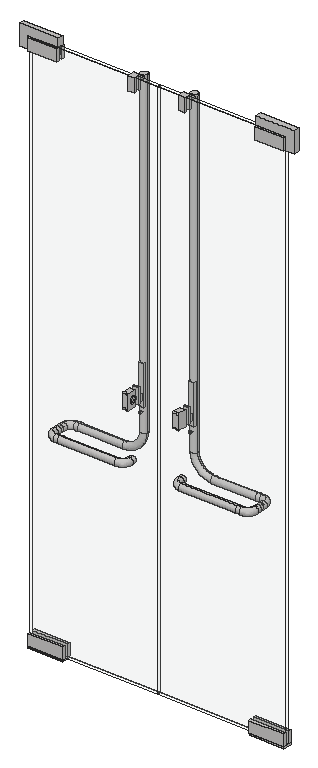
Revit family "Doors_Swing_Avanti_Systems_Pivot-Frameless-Pair-Swing-Door-Dbl-Glazed", category Doors, Revit 2026 (continued)
Definition of nested family "Pivot Door Bottom Free Swing Pivot Option"
  Forms (in)
    Extrusion 6, solid, material <- "Product Material", visible <- "Recessed Floor Closer", detail levels fine
      sketch origin (4.58661, -180, 0.45276) x (-1, 0, 0) y (0, -1, 0)
        loop
          line (4.58661, -180.03198) -> (4.58661, -179.85329) -> (-1.9685, -179.85329) -> (-1.9685, -180.03198) -> (4.58661, -180.03198)
      from -1.37992 to 0.15945
  Cuts and joins
    joined: Extrusion 3, Extrusion 4
  Dimensions and locks (in)
    plane 5 to plane 1 "Center (Front/Back)" to plane 4 = 0.41339" locked, 2.31496" locked
    plane 1 "Center (Front/Back)" to plane 6 = 3/16"
    locked: plane 8 to level at 0.45276
    locked: plane 9 to plane 10 at 0.45276
    "Glass Thickness Control": level to plane 9
    equal spacing: level, plane 11, plane 9
    plane 12 to plane 11 to plane 13 = 0.76969" locked, 0.76969" locked
    plane 7 to plane 14 to plane 15 to plane 3 "Center (Left/Right)" = 2.31507" locked, 4.03237" locked, 0.20769" locked
    locked: plane 17 to plane 4 at 0.57874
    locked: plane 16 to plane 7 at 0.40354
    locked: plane 19 to plane 16 at 0.70866
    locked: plane 20 to plane 3 "Center (Left/Right)" at 2.22678
    plane 21 to plane 11 to plane 22 = 0.62342" locked, 0.62342" locked
    plane 23 to plane 20 to plane 24 = 0.62342" locked, 0.62342" locked
    locked: plane 25 to plane 5 at 1.1811
    locked: plane 15 to plane 26 at 0.52066
    locked: plane 27 to plane 14 at 0.51485
    locked: plane 25 to plane 28 at 0.7874
    plane 1 "Center (Front/Back)" to plane 30 to plane 17 = 0.60237", 1.13386"
    locked: plane 9 to plane 32 at 0.25001
    locked: plane 31 to level at 0.25001
    locked: plane 7 to plane 33 at 0.03937
    locked: plane 34 to plane 3 "Center (Left/Right)" at 0.03937
    aligned and locked: plane 2 to Extrusion 1
    aligned and locked: level to Extrusion 1
    aligned and locked: Extrusion 2 sketch curve to plane 4
    aligned and locked: Extrusion 2 sketch curve to plane 3 "Center (Left/Right)"
    aligned and locked: Extrusion 2 sketch curve to plane 6
    aligned and locked: Extrusion 2 sketch curve to plane 7
    aligned and locked: plane 9 to Extrusion 2
    aligned and locked: plane 10 to Extrusion 2
    aligned and locked: Extrusion 3 sketch curve to plane 4
    aligned and locked: Extrusion 3 sketch curve to plane 7
    aligned and locked: Extrusion 3 sketch curve to plane 6
    aligned and locked: Extrusion 3 sketch curve to plane 3 "Center (Left/Right)"
    aligned and locked: Extrusion 4 sketch curve to plane 3 "Center (Left/Right)"
    aligned and locked: Extrusion 4 sketch curve to plane 4
    aligned and locked: Extrusion 4 sketch curve to plane 7
    aligned and locked: Extrusion 4 sketch curve to plane 6
    aligned and locked: plane 10 to Extrusion 3
    aligned and locked: plane 9 to Extrusion 3
    aligned and locked: Extrusion 4 to level
    aligned and locked: plane 8 to Extrusion 4
    aligned and locked: plane 6 to Extrusion 5
    aligned and locked: plane 3 "Center (Left/Right)" to Extrusion 6 sketch curve
    aligned and locked: plane 7 to Extrusion 6 sketch curve
    aligned and locked: Extrusion 6 to plane 13
    aligned and locked: Extrusion 6 to plane 12
  Automatic sketch dimensions
    Extrusion 1 sketch curve to Extrusion 1 sketch curve = 96"  (x2)
    Extrusion 5 sketch curve to plane 11 = 0"
    Extrusion 5 sketch curve to plane 26 = 0.00025"
    Extrusion 6 sketch curve to plane 1 "Center (Front/Back)" = 0.03198"
    plane 1 "Center (Front/Back)" to Extrusion 6 sketch curve = 0.14671"
    radius of Extrusion 5 sketch curve = 0.19685"
Definition of nested family "Pivot Door Top Free Swing Pivot"
  Parameters (values of type "Glass Thickness 8.0 mm")
    Youtube clip = "https://www.youtube.com/watch?time_continue=4&v=5oOBSi0owgs"
    Weight Net (Kg) = "0.63"
    Uniformat II Description = ""
    Uniformat II Code = ""
    Uniclass 2015 Name = ""
    Uniclass 2015 Code = ""
    Uniclass 2.0 Description = ""
    Uniclass 2.0 Code = ""
    Uniclass 1.4 Description = ""
    Uniclass 1.4 Code = ""
    URL = "http://www.colcomgroup.it"
    UNSPSC Code = ""
    Technical description = "http://www.minusco.com/images/pdf/schede-tecniche/05_PORTE_ESTERNE.pdf"
    Region South America = "All"
    Region Oceania = "All"
    Region North America = "All"
    Region Middle East = "All"
    Region Europe = "All"
    Region Asia = "All"
    Region Antarctica = "All"
    Region Africa = "All"
    QR code = "http://bimobject.com/colcom/product/Top-Hinge-Unica-100E20"
    Product url = "http://www.minusco.com/images/pdf/schede-tecniche/05_PORTE_ESTERNE.pdf"
    Product group = "Top Free hinge"
    Product family = "Glass Hardware"
    Product data url = "https://bimobject.com/colcom/product/Top-Hinge-Unica-100E20"
    Product certification = ""
    Product SKU = "Top-Hinge-Unica-100E20"
    Product Material [instance] = none
    Product Instructions = "Outer doors. Glass thickness from 8mm to 13,52mm .Maximum door width 1000mm. Maximum door weight 100 Kg."  # constant formula
    Product Guid = "7bd65d41-e2c5-4b08-8bdf-08c516c9f22f"
    OmniClass Description = ""
    OmniClass Code = ""
    Nominal width = 6.5748"
    Nominal height = 2.20472"
    NBS Reference Description = ""
    NBS Reference Code = ""
    Model = "Top Hinge Unica 100E20"
    Material secondary = "Steel"
    Material main = "Aluminium"
    Masterformat 2014 Description = ""
    Masterformat 2014 Code = ""
    Manufacturer name = "Colcom"
    Manufacturer country = "Italy"
    Manufacturer = "Colcom"
    Keynote = "08700"
    Installation instructions = ""
    IFC Classification = ""
    Glass Thickness Control [instance] = 0.31496"
    Glass Thickness = 0"
    Edition number = 1
    EAN code = ""
    Design country = "Italy"
    Description = "Top hinge for Hydraulic Hinge 101E10/101E10NF/101E10SF/101E10L"
    Default Elevation = 0"
    Date of publishing = ""
    COBIe Type Category = ""
    Brand url = ""
    BIMobject main category code = ""
    BIMobject main category = ""
    BIMobject category code = ""
    BIMobject category = ""
    Assembly Code = "C1020410"
  Reference planes (in)
    plane 1 "Center (Front/Back)": y = 0
    plane 2: z = 0
    plane 3 "Center (Left/Right)": x = 0
    plane 4: y = 2.31496
    plane 5: y = -0.41339
    plane 6: y = 0.11024
    plane 7: x = 5.5
    plane 8: z = 0.45276
    plane 9: z = -0.31496
    plane 10: z = -0.76772
    plane 11: z = -0.15748
    plane 12: z = 0.6122
    plane 13: z = -0.92717
    plane 14: x = 4.24005
    plane 15: x = 0.20769
    plane 16: x = 5.09646
    plane 17: y = 1.73622
    plane 18: x = 4.3878
    plane 19: x = 2.22678
    plane 20: z = 0.46594
    plane 21: z = -0.7809
    plane 22: x = 1.60336
    plane 23: x = 2.85019
    plane 24: y = -1.59449
    plane 25: x = 0.72835
    plane 26: x = 3.72521
    plane 27: y = -0.80709
    plane 28: y = 1.98032
    plane 29: y = 0.60237
    plane 30: z = 0.25001
    plane 31: z = -0.56497
    plane 32: x = 5.53937
    plane 33: x = -0.03937
    plane 34: y = 1.2126
    plane 35: y = 0.41339
    plane 36: y = 0.68898
    plane 37: y = 2.23622
  Forms (in)
    Extrusion 1, solid
      sketch origin (0, 0, 0) x (1, 0, 0) y (0, 1, 0)
        loop
          line (-48, 48) -> (-48, -48) -> (48, -48) -> (48, 48) -> (-48, 48)
      from 0 to -12
    Extrusion 2, solid, material <- "Product Material"
      sketch origin (3.06299, -180, -0.5315) x (-1, 0, 0) y (0, -1, 0)
        loop
          line (-2.43701, -182.31496) -> (3.06299, -182.31496) -> (3.06299, -180.11024) -> (-2.43701, -180.11024) -> (-2.43701, -182.31496)
      from -0.23622 to 0.21654
    Extrusion 3, solid, material <- "Product Material"
      sketch origin (3.06299, -180, -0.5315) x (-1, 0, 0) y (0, -1, 0)
        loop
          line (-2.43701, -182.31496) -> (3.06299, -182.31496) -> (3.06299, -180.11024) -> (-2.43701, -180.11024) -> (-2.43701, -182.31496)
      from 0.5315 to 0.98425
    Extrusion 4, solid, material <- "Product Material"
      sketch origin (3.06299, -180, -0.5315) x (-1, 0, 0) y (0, -1, 0)
        loop
          line (2.85531, -182.31496) -> (2.85531, -180.68898) -> (-2.03346, -180.68898) -> (-2.03346, -182.31496) -> (2.85531, -182.31496)
      from 0.21654 to 0.5315
  Dimensions and locks (in)
    plane 5 to plane 1 "Center (Front/Back)" to plane 4 = 0.41339" locked, 2.31496" locked
    locked: plane 1 "Center (Front/Back)" to plane 6 at 0.11024
    locked: plane 8 to level at 0.45276
    locked: plane 9 to plane 10 at 0.45276
    "Glass Thickness Control": level to plane 9
    equal spacing: level, plane 11, plane 9
    plane 12 to plane 11 to plane 13 = 0.76969" locked, 0.76969" locked
    locked: plane 17 to plane 4 at 0.57874
    locked: plane 16 to plane 7 at 0.40354
    locked: plane 18 to plane 16 at 0.70866
    locked: plane 19 to plane 3 "Center (Left/Right)" at 2.22678
    plane 20 to plane 11 to plane 21 = 0.62342" locked, 0.62342" locked
    plane 22 to plane 19 to plane 23 = 0.62342" locked, 0.62342" locked
    locked: plane 24 to plane 5 at 1.1811
    locked: plane 15 to plane 25 at 0.52066
    locked: plane 26 to plane 14 at 0.51485
    locked: plane 24 to plane 27 at 0.7874
    plane 1 "Center (Front/Back)" to plane 29 to plane 17 = 0.60237", 1.13386"
    locked: plane 9 to plane 31 at 0.25001
    locked: plane 30 to level at 0.25001
    locked: plane 7 to plane 32 at 0.03937
    locked: plane 33 to plane 3 "Center (Left/Right)" at 0.03937
    equal spacing: plane 6, plane 34, plane 4
    locked: plane 36 to plane 6 at 0.57874
    locked: plane 37 to plane 4 at 0.07874
    Extrusion 3 to Extrusion 3 = 5 1/2"
    locked: plane 7 to plane 33 at 5.53937
    aligned and locked: plane 2 to Extrusion 1
    aligned and locked: level to Extrusion 1
    aligned and locked: Extrusion 2 sketch curve to plane 4
    aligned and locked: Extrusion 2 sketch curve to plane 3 "Center (Left/Right)"
    aligned and locked: Extrusion 2 sketch curve to plane 6
    aligned and locked: Extrusion 2 sketch curve to plane 7
    aligned and locked: Extrusion 3 sketch curve to plane 4
    aligned and locked: Extrusion 3 sketch curve to plane 3 "Center (Left/Right)"
    aligned and locked: Extrusion 3 sketch curve to plane 6
    aligned and locked: Extrusion 3 sketch curve to plane 7
    aligned and locked: Extrusion 3 to level
    aligned and locked: plane 8 to Extrusion 3
    aligned and locked: plane 9 to Extrusion 2
    aligned and locked: plane 10 to Extrusion 2
    aligned and locked: Extrusion 4 sketch curve to plane 16
    aligned and locked: Extrusion 4 sketch curve to plane 15
    aligned and locked: Extrusion 4 to plane 9
    aligned and locked: level to Extrusion 4
    aligned and locked: plane 4 to Extrusion 4 sketch curve
    aligned and locked: plane 36 to Extrusion 4 sketch curve
  Automatic sketch dimensions
    Extrusion 1 sketch curve to Extrusion 1 sketch curve = 96"  (x2)
Definition of nested family "Recessed Floor Closer - Elevation"
  Reference planes (in)
    plane 1 "Center (Front/Back)": y = 0
    plane 2: z = 0
    plane 3 "Center (Left/Right)": x = 0
  Lines and regions (in)
    model lines, in view "Ref. Level"
      curve 1: line (7.18456, 0, 0) -> (7.53314, 0, 0)
      curve 2: line (-2.0721, -0.11624, 0) -> (-3.00164, -0.11624, 0)
      curve 3: line (8.89669, -0.11624, 0) -> (8.38522, -0.11624, 0)
      curve 4: line (-1.84, 0, 0) -> (-1.55577, 0, 0)
      curve 5: line (-1.55577, 0, 0) -> (-1.49142, 0, 0)
      curve 6: arc (0.61969, 0, 0) -> (0.65371, -0.08219, 0) -> (0.73589, -0.11624, 0) r 0.11619
      curve 7: arc (-0.73589, -0.11624, 0) -> (-0.65372, -0.08221, 0) -> (-0.61969, -0.00005, 0) r 0.11619
      curve 8: line (8.32712, -0.11624, 0) -> (8.32712, -2.22707, 0)
      curve 9: line (8.32712, -2.22707, 0) -> (-2.014, -2.22707, 0)
      curve 10: line (-2.014, -2.22707, 0) -> (-2.014, -0.11624, 0)
      curve 11: arc (4.93697, -0.32926, 0) -> (5.02675, -0.36198, 0) -> (5.12145, -0.37467, 0) r 0.44269
      curve 12: arc (6.01869, -0.50358, 0) -> (5.97995, -0.40943, 0) -> (5.88426, -0.37467, 0) r 0.12595
      curve 13: arc (-0.98859, -2.01405, 0) -> (-1.01198, -1.96981, 0) -> (-1.05754, -1.9491, 0) r 0.07746
      curve 14: arc (2.23102, -1.9324, 0) -> (2.26915, -1.91661, 0) -> (2.28494, -1.87849, 0) r 0.05391
      curve 15: arc (-0.98859, -2.01405, 0) -> (-1.01198, -1.96981, 0) -> (-1.05754, -1.9491, 0) r 0.07746
      curve 16: line (4.05806, -1.49349, 0) -> (4.06976, -1.51341, 0)
      curve 17: line (4.05806, -1.40163, 0) -> (4.0949, -1.42913, 0)
      curve 18: line (2.3963, -1.87849, 0) -> (2.36082, -1.98804, 0)
      curve 19: line (2.33499, -2.01405, 0) -> (2.43976, -1.99686, 0)
      curve 20: line (2.43976, -1.99686, 0) -> (2.5209, -2.01405, 0)
      curve 21: line (2.36082, -1.98804, 0) -> (2.32981, -2.01405, 0)
      curve 22: line (2.3963, -1.87849, 0) -> (2.39485, -0.368, 0)
      curve 23: line (2.51583, -0.25184, 0) -> (2.51602, -0.2713, 0)
      curve 24: line (5.09475, -0.15497, 0) -> (5.12145, -0.1649, 0)
      curve 25: line (2.51583, -0.16218, 0) -> (2.51504, -0.15497, 0)
      curve 26: line (2.3111, -0.33011, 0) -> (2.32193, -0.3217, 0)
      curve 27: line (2.28494, -0.36799, 0) -> (2.3111, -0.33011, 0)
      curve 28: line (2.32193, -0.3217, 0) -> (2.39732, -0.2818, 0)
      curve 29: line (2.51602, -0.2713, 0) -> (2.47831, -0.28084, 0)
      curve 30: line (2.47228, -0.29053, 0) -> (2.39485, -0.36799, 0)
      curve 31: line (2.47228, -0.29053, 0) -> (2.39485, -0.368, 0)
      curve 32: line (4.93697, -0.32926, 0) -> (4.80856, -0.29053, 0)
      curve 33: line (5.86382, -1.53009, 0) -> (6.11965, -1.27426, 0)
      curve 34: line (5.94518, -0.29317, 0) -> (6.06391, -0.29317, 0)
      curve 35: line (6.09155, -0.29317, 0) -> (6.06391, -0.29317, 0)
      curve 36: line (6.11965, -0.30669, 0) -> (6.09155, -0.29317, 0)
      curve 37: line (7.11028, -0.16408, 0) -> (7.10882, -0.15646, 0)
      curve 38: line (4.06517, -1.85715, 0) -> (4.05806, -1.84734, 0)
      curve 39: line (5.91956, -0.16845, 0) -> (5.92391, -0.15497, 0)
      curve 40: line (-1.53415, -0.15497, 0) -> (-1.53612, -0.16371, 0)
      curve 41: line (5.86382, -1.42913, 0) -> (6.01869, -1.27426, 0)
      curve 42: line (5.94518, -0.29317, 0) -> (5.91956, -0.27169, 0)
      curve 43: line (4.06976, -1.51341, 0) -> (4.09028, -1.53009, 0)
      curve 44: line (4.06517, -1.87849, 0) -> (4.08977, -1.9324, 0)
      curve 45: line (7.08568, -1.9324, 0) -> (7.11028, -1.87849, 0)
      curve 46: arc (7.62029, -0.1356, 0) -> (7.61461, -0.12191, 0) -> (7.60092, -0.11624, 0) r 0.01937
      curve 47: arc (3.91178, -0.81339, 0) -> (3.90611, -0.7997, 0) -> (3.89241, -0.79403, 0) r 0.01937
      curve 48: arc (3.66003, -0.79403, 0) -> (3.64634, -0.7997, 0) -> (3.64066, -0.81339, 0) r 0.01937
      curve 49: arc (7.19425, -0.11624, 0) -> (7.18055, -0.12191, 0) -> (7.17488, -0.1356, 0) r 0.01937
      curve 50: arc (-1.89781, -1.83976, 0) -> (-1.87512, -1.89453, 0) -> (-1.82035, -1.91722, 0) r 0.07746
      curve 51: arc (-1.26843, -0.11624, 0) -> (-1.28213, -0.12191, 0) -> (-1.2878, -0.1356, 0) r 0.01937
      curve 52: arc (1.2878, -0.1356, 0) -> (1.28213, -0.12191, 0) -> (1.26843, -0.11624, 0) r 0.01937
      curve 53: arc (-1.26843, -0.11624, 0) -> (-1.28213, -0.12191, 0) -> (-1.2878, -0.1356, 0) r 0.01937
      curve 54: arc (3.53321, -1.82622, 0) -> (3.54456, -1.85361, 0) -> (3.57195, -1.86496, 0) r 0.03873
      curve 55: arc (4.05806, -1.35947, 0) -> (4.04672, -1.33209, 0) -> (4.01933, -1.32074, 0) r 0.03873
      curve 56: arc (3.57195, -1.32074, 0) -> (3.54456, -1.33209, 0) -> (3.53321, -1.35947, 0) r 0.03873
      curve 57: line (7.59124, -0.30989, 0) -> (7.62029, -0.30989, 0)
      curve 58: line (7.62029, -0.30989, 0) -> (7.62029, -0.1356, 0)
      curve 59: line (7.62029, -0.1356, 0) -> (7.62029, -0.30989, 0)
      curve 60: line (7.60092, -0.11624, 0) -> (7.48666, -0.11624, 0)
      curve 61: line (3.68327, -1.86689, 0) -> (3.68327, -2.22707, 0)
      curve 62: line (3.68327, -2.22707, 0) -> (3.86918, -2.22707, 0)
      curve 63: line (3.86918, -2.22707, 0) -> (3.86918, -1.86689, 0)
      curve 64: line (3.89241, -0.94895, 0) -> (3.89241, -0.97914, 0)
      curve 65: line (3.89241, -0.97914, 0) -> (3.89241, -1.32074, 0)
      curve 66: line (4.01933, -1.32074, 0) -> (3.89241, -1.32074, 0)
      curve 67: line (3.89241, -1.32074, 0) -> (3.66003, -1.32074, 0)
      curve 68: line (3.66003, -1.32074, 0) -> (3.66003, -0.97914, 0)
      curve 69: line (3.66003, -0.97914, 0) -> (3.66003, -0.94895, 0)
      curve 70: line (3.89241, -0.79403, 0) -> (3.81495, -0.79403, 0)
      curve 71: line (3.81495, -0.79403, 0) -> (3.80527, -0.85212, 0)
      curve 72: line (3.80527, -0.85212, 0) -> (3.74717, -0.85212, 0)
      curve 73: line (3.74717, -0.85212, 0) -> (3.73749, -0.79403, 0)
      curve 74: line (3.73749, -0.79403, 0) -> (3.66003, -0.79403, 0)
      curve 75: line (3.64066, -0.81339, 0) -> (3.64066, -0.94895, 0)
      curve 76: line (3.64066, -0.94895, 0) -> (3.91178, -0.94895, 0)
      curve 77: line (3.91178, -0.94895, 0) -> (3.91178, -0.81339, 0)
      curve 78: line (7.20393, -0.17433, 0) -> (7.22329, -0.17433, 0)
      curve 79: line (7.22329, -0.17433, 0) -> (7.59124, -0.17433, 0)
      curve 80: line (7.59124, -0.17433, 0) -> (7.59124, -0.32926, 0)
      curve 81: line (7.59124, -0.32926, 0) -> (7.23298, -0.32926, 0)
      curve 82: line (7.23298, -0.32926, 0) -> (7.20393, -0.32926, 0)
      curve 83: line (7.20393, -0.32926, 0) -> (7.20393, -0.17433, 0)
      curve 84: line (7.19425, -0.40672, 0) -> (7.23298, -0.40672, 0)
      curve 85: line (7.23298, -0.40672, 0) -> (7.64933, -0.40672, 0)
      curve 86: line (7.64933, -0.40672, 0) -> (7.64933, -0.32926, 0)
      curve 87: line (7.64933, -0.32926, 0) -> (7.23298, -0.32926, 0)
      curve 88: line (7.23298, -0.32926, 0) -> (7.19425, -0.32926, 0)
      curve 89: line (7.19425, -0.32926, 0) -> (7.14583, -0.32926, 0)
      curve 90: line (7.14583, -0.32926, 0) -> (7.14583, -0.40672, 0)
      curve 91: line (7.14583, -0.40672, 0) -> (7.19425, -0.40672, 0)
      curve 92: line (7.19425, -0.40672, 0) -> (7.23298, -0.40672, 0)
      curve 93: line (7.23298, -0.40672, 0) -> (7.52346, -0.40672, 0)
      curve 94: line (7.17488, -0.1356, 0) -> (7.17488, -0.30989, 0)
      curve 95: line (7.17488, -0.30989, 0) -> (7.20393, -0.30989, 0)
      curve 96: line (7.55251, -0.11624, 0) -> (7.46343, -0.11624, 0)
      curve 97: line (7.26203, -1.10387, 0) -> (7.26203, -0.96057, 0)
      curve 98: line (7.26203, -0.96057, 0) -> (7.11872, -0.96057, 0)
      curve 99: line (7.11872, -0.96057, 0) -> (7.11872, -0.40672, 0)
      curve 100: line (7.11872, -0.40672, 0) -> (7.24266, -0.40672, 0)
      curve 101: line (7.24266, -0.40672, 0) -> (7.43631, -0.40672, 0)
      curve 102: line (7.43631, -0.40672, 0) -> (7.64933, -0.40672, 0)
      curve 103: line (7.64933, -0.40672, 0) -> (7.64933, -1.80103, 0)
      curve 104: line (7.64933, -1.80103, 0) -> (7.43631, -1.97532, 0)
      curve 105: line (7.43631, -1.97532, 0) -> (7.11872, -1.97532, 0)
      curve 106: line (7.11872, -1.97532, 0) -> (7.11872, -1.56864, 0)
      curve 107: line (7.11872, -1.56864, 0) -> (7.26203, -1.56864, 0)
      curve 108: line (7.26203, -1.56864, 0) -> (7.26203, -0.96057, 0)
      curve 109: line (7.43631, -1.97532, 0) -> (7.43631, -0.52291, 0)
      curve 110: line (7.43631, -0.52291, 0) -> (7.64933, -0.52291, 0)
      curve 111: line (7.43631, -0.52291, 0) -> (7.24266, -0.52291, 0)
      curve 112: line (7.24266, -0.52291, 0) -> (7.11872, -0.52291, 0)
      curve 113: line (7.1652, -1.56864, 0) -> (7.1652, -0.96057, 0)
      curve 114: line (-1.83971, -0.48418, 0) -> (-1.83971, -1.10387, 0)
      curve 115: line (-1.83971, -1.10387, 0) -> (-1.83971, -1.85912, 0)
      curve 116: line (-1.83971, -1.85912, 0) -> (-1.52987, -1.85912, 0)
      curve 117: line (-1.52987, -1.85912, 0) -> (-1.52987, -1.91722, 0)
      curve 118: line (-1.52987, -1.91722, 0) -> (-1.60249, -1.91722, 0)
      curve 119: line (-1.60249, -1.91722, 0) -> (-1.82035, -1.91722, 0)
      curve 120: line (-1.89781, -1.83976, 0) -> (-1.89781, -1.15132, 0)
      curve 121: line (-1.89781, -1.15132, 0) -> (-1.89781, -1.10387, 0)
      curve 122: line (-1.89781, -1.10387, 0) -> (-1.89781, -0.49386, 0)
      curve 123: line (-1.89781, -0.49386, 0) -> (-1.89781, -0.48418, 0)
      curve 124: line (-1.89781, -0.48418, 0) -> (-1.83971, -0.48418, 0)
      curve 125: line (-1.83971, -0.48418, 0) -> (-1.83971, -0.5384, 0)
      curve 126: line (-1.2878, -0.1356, 0) -> (-1.2878, -0.15497, 0)
      curve 127: line (-0.73589, -0.11624, 0) -> (0, -0.11624, 0)
      curve 128: line (0, -0.11624, 0) -> (0.73589, -0.11624, 0)
      curve 129: line (1.2878, -0.15497, 0) -> (1.2878, -0.1356, 0)
      curve 130: line (-0.74557, -0.11624, 0) -> (-1.26843, -0.11624, 0)
      curve 131: line (3.53321, -1.82622, 0) -> (3.53321, -1.35947, 0)
      curve 132: line (3.57195, -1.86496, 0) -> (3.66003, -1.86496, 0)
      curve 133: line (3.66003, -1.86496, 0) -> (3.89241, -1.86496, 0)
      curve 134: line (3.89241, -1.86496, 0) -> (4.05806, -1.86496, 0)
      curve 135: line (4.05806, -1.86496, 0) -> (4.05806, -1.85445, 0)
      curve 136: line (4.05806, -1.84734, 0) -> (4.05806, -1.85445, 0)
      curve 137: line (4.05806, -1.85445, 0) -> (4.05806, -1.49349, 0)
      curve 138: line (4.05806, -1.49349, 0) -> (4.05806, -1.40163, 0)
      curve 139: line (4.05806, -1.40163, 0) -> (4.05806, -1.38844, 0)
      curve 140: line (4.05806, -1.38844, 0) -> (4.05806, -1.35947, 0)
      curve 141: line (3.66003, -1.32074, 0) -> (3.57195, -1.32074, 0)
      curve 142: line (5.12145, -0.37467, 0) -> (5.12145, -0.1649, 0)
      curve 143: line (5.12145, -0.1649, 0) -> (5.12145, -0.37467, 0)
      curve 144: line (5.12145, -0.37467, 0) -> (5.86772, -0.37467, 0)
      curve 145: line (5.86772, -0.37467, 0) -> (5.88426, -0.37467, 0)
      curve 146: line (6.01869, -0.50358, 0) -> (6.01869, -1.27426, 0)
      curve 147: line (6.01869, -1.27426, 0) -> (6.01869, -0.50358, 0)
      curve 148: line (3.68327, -2.01405, 0) -> (2.55854, -2.01405, 0)
      curve 149: line (2.55854, -2.01405, 0) -> (2.5209, -2.01405, 0)
      curve 150: line (-0.98859, -2.01405, 0) -> (2.23102, -2.01405, 0)
      curve 151: line (2.23102, -2.01405, 0) -> (2.306, -2.01405, 0)
      curve 152: line (2.306, -2.01405, 0) -> (2.32981, -2.01405, 0)
      curve 153: line (2.28494, -1.87849, 0) -> (2.28494, -0.36799, 0)
      curve 154: line (2.51583, -0.25184, 0) -> (2.51583, -0.16218, 0)
      curve 155: line (5.86772, -0.15497, 0) -> (5.10856, -0.15497, 0)
      curve 156: line (5.10856, -0.15497, 0) -> (5.09475, -0.15497, 0)
      curve 157: line (5.09475, -0.15497, 0) -> (5.0365, -0.15497, 0)
      curve 158: line (5.0365, -0.15497, 0) -> (5.02826, -0.15497, 0)
      curve 159: line (5.02826, -0.15497, 0) -> (4.93742, -0.15497, 0)
      curve 160: line (4.93742, -0.15497, 0) -> (4.93697, -0.32926, 0)
      curve 161: line (4.80856, -0.29053, 0) -> (4.74402, -0.29053, 0)
      curve 162: line (4.74402, -0.29053, 0) -> (4.73572, -0.29053, 0)
      curve 163: line (4.73572, -0.29053, 0) -> (2.81287, -0.29053, 0)
      curve 164: line (2.81287, -0.29053, 0) -> (2.55113, -0.29053, 0)
      curve 165: line (2.55113, -0.29053, 0) -> (2.49738, -0.29053, 0)
      curve 166: line (2.49738, -0.29053, 0) -> (2.47228, -0.29053, 0)
      curve 167: line (2.47228, -0.29053, 0) -> (2.46333, -0.29053, 0)
      curve 168: line (4.93742, -0.15497, 0) -> (4.73572, -0.15497, 0)
      curve 169: line (4.73572, -0.15691, 0) -> (2.7403, -0.15691, 0)
      curve 170: line (2.7403, -0.15497, 0) -> (2.51504, -0.15497, 0)
      curve 171: line (2.51504, -0.15497, 0) -> (2.4564, -0.15497, 0)
      curve 172: line (2.4564, -0.15497, 0) -> (2.44879, -0.15497, 0)
      curve 173: line (2.44879, -0.15497, 0) -> (2.39732, -0.15497, 0)
      curve 174: line (6.11965, -0.30669, 0) -> (6.11965, -0.31568, 0)
      curve 175: line (6.11965, -0.31568, 0) -> (6.11965, -1.27426, 0)
      curve 176: line (-1.60733, -0.15497, 0) -> (-1.60733, -0.8133, 0)
      curve 177: line (-1.60733, -0.8133, 0) -> (-1.72352, -0.8133, 0)
      curve 178: line (-1.72352, -0.8133, 0) -> (-1.73901, -0.8133, 0)
      curve 179: line (2.23102, -1.9324, 0) -> (-1.22785, -1.9324, 0)
      curve 180: line (-1.22785, -1.9324, 0) -> (-1.05754, -1.9491, 0)
      curve 181: line (-1.05754, -1.9491, 0) -> (-1.22785, -1.9324, 0)
      curve 182: line (-1.22785, -1.9324, 0) -> (-1.5105, -1.90469, 0)
      curve 183: line (-1.5105, -1.90469, 0) -> (-1.5105, -1.85912, 0)
      curve 184: line (-1.5105, -1.85912, 0) -> (-1.60733, -1.85912, 0)
      curve 185: line (-1.60733, -1.85912, 0) -> (-1.60733, -1.00695, 0)
      curve 186: line (-1.60733, -1.00695, 0) -> (-1.72352, -1.00695, 0)
      curve 187: line (-1.72352, -1.00695, 0) -> (-1.73901, -1.00695, 0)
      curve 188: line (-1.73901, -1.00695, 0) -> (-1.73901, -1.40588, 0)
      curve 189: line (-1.73901, -1.40588, 0) -> (-1.8152, -1.40588, 0)
      curve 190: line (-1.8152, -1.40588, 0) -> (-1.83971, -1.40588, 0)
      curve 191: line (-1.83971, -1.40588, 0) -> (-1.83971, -1.41574, 0)
      curve 192: line (-1.83971, -1.41574, 0) -> (-1.83971, -1.85912, 0)
      curve 193: line (-1.83971, -1.85912, 0) -> (-1.72836, -1.85912, 0)
      curve 194: line (-1.72836, -1.85912, 0) -> (-1.60733, -1.85912, 0)
      curve 195: line (-1.60733, -0.8133, 0) -> (-1.54923, -0.8133, 0)
      curve 196: line (-1.54923, -0.8133, 0) -> (-1.53612, -0.8133, 0)
      curve 197: line (-1.53612, -1.85912, 0) -> (-1.53612, -0.16371, 0)
      curve 198: line (2.39732, -0.2818, 0) -> (2.39732, -0.15497, 0)
      curve 199: line (2.39732, -0.15497, 0) -> (1.39431, -0.15497, 0)
      curve 200: line (1.39431, -0.15497, 0) -> (0.51053, -0.15497, 0)
      curve 201: line (0.51053, -0.15497, 0) -> (0.51053, -0.23243, 0)
      curve 202: line (0.51053, -0.23243, 0) -> (-0.51053, -0.23243, 0)
      curve 203: line (-0.51053, -0.23243, 0) -> (-0.51053, -0.15497, 0)
      curve 204: line (-1.73901, -1.00695, 0) -> (-1.73901, -0.8133, 0)
      curve 205: line (-1.73901, -0.8133, 0) -> (-1.83971, -0.8133, 0)
      curve 206: line (-1.83971, -0.8133, 0) -> (-1.83971, -0.46472, 0)
      curve 207: line (-1.83971, -0.46472, 0) -> (-1.89781, -0.46472, 0)
      curve 208: line (-1.89781, -0.46472, 0) -> (-1.89781, -0.15875, 0)
      curve 209: line (-1.89781, -0.15875, 0) -> (-1.60733, -0.15497, 0)
      curve 210: line (-1.60733, -0.15497, 0) -> (-1.54854, -0.15497, 0)
      curve 211: line (-1.54854, -0.15497, 0) -> (-1.53415, -0.15497, 0)
      curve 212: line (-1.53415, -0.15497, 0) -> (-1.39431, -0.15497, 0)
      curve 213: line (-1.39431, -0.15497, 0) -> (-0.51053, -0.15497, 0)
      curve 214: line (-1.60733, -1.00695, 0) -> (-1.54923, -1.00695, 0)
      curve 215: line (-1.54923, -1.00695, 0) -> (-1.53612, -1.00695, 0)
      curve 216: line (7.11028, -1.87849, 0) -> (7.11028, -0.16408, 0)
      curve 217: line (5.86772, -0.37467, 0) -> (5.86772, -0.1649, 0)
      curve 218: line (5.86772, -0.1649, 0) -> (5.86772, -0.15497, 0)
      curve 219: line (5.86772, -0.15497, 0) -> (5.9086, -0.15497, 0)
      curve 220: line (5.9086, -0.15497, 0) -> (5.92391, -0.15497, 0)
      curve 221: line (5.92391, -0.15497, 0) -> (7.10815, -0.15497, 0)
      curve 222: line (7.10815, -0.15497, 0) -> (7.11543, -0.15497, 0)
      curve 223: line (7.11543, -0.15497, 0) -> (7.11872, -0.16524, 0)
      curve 224: line (5.86382, -1.53009, 0) -> (5.33754, -1.53009, 0)
      curve 225: line (5.33754, -1.53009, 0) -> (5.08104, -1.53009, 0)
      curve 226: line (5.08104, -1.53009, 0) -> (4.95588, -1.53009, 0)
      curve 227: line (4.95588, -1.53009, 0) -> (4.09028, -1.53009, 0)
      curve 228: line (4.06517, -1.85715, 0) -> (4.06517, -1.87849, 0)
      curve 229: line (4.0949, -1.42913, 0) -> (4.95357, -1.42913, 0)
      curve 230: line (4.95357, -1.42913, 0) -> (5.86382, -1.42913, 0)
      curve 231: line (5.91956, -0.27169, 0) -> (5.91956, -0.16845, 0)
      curve 232: line (4.08977, -1.9324, 0) -> (7.08568, -1.9324, 0)
      curve 233: line (7.11872, -0.16524, 0) -> (7.11872, -1.87849, 0)
      curve 234: line (7.11872, -1.87849, 0) -> (7.11872, -2.01405, 0)
      curve 235: line (7.11872, -2.01405, 0) -> (7.08706, -2.01405, 0)
      curve 236: line (3.86918, -2.01405, 0) -> (7.08706, -2.01405, 0)
      curve 237: line (-1.51885, -2.22707, 0) -> (-1.51885, -1.85696, 0)
      curve 238: line (-1.70476, -1.91722, 0) -> (-1.70476, -2.22707, 0)
      curve 239: line (-3.00164, -0.11624, 0) -> (-1.80592, -0.11624, 0)
      curve 240: line (-1.80592, -0.11624, 0) -> (-1.59338, -0.11624, 0)
      curve 241: line (-1.59338, -0.11624, 0) -> (-1.5255, -0.11624, 0)
      curve 242: line (-1.5255, -0.11624, 0) -> (-0.76493, -0.11624, 0)
      curve 243: line (7.21864, -0.11624, 0) -> (0.7262, -0.11624, 0)
      curve 244: line (0.7262, -0.11624, 0) -> (7.21864, -0.11624, 0)
      curve 245: line (7.21864, -0.11624, 0) -> (7.43199, -0.11624, 0)
      curve 246: line (7.43199, -0.11624, 0) -> (7.49906, -0.11624, 0)
      curve 247: line (7.49906, -0.11624, 0) -> (8.89669, -0.11624, 0)
      curve 248: line (7.62029, -0.11624, 0) -> (8.32712, -0.11624, 0)
      curve 249: line (8.32712, -0.11624, 0) -> (8.38522, -0.11624, 0)
      curve 250: line (-2.0721, -0.11624, 0) -> (-2.014, -0.11624, 0)
      curve 251: line (-2.014, -0.11624, 0) -> (-1.8339, -0.11624, 0)
      curve 252: arc (0.42023, 0.12764, 0) -> (0.43163, 0.10388, 0) -> (0.4571, 0.09713, 0) r 0.03147
      curve 253: arc (-0.4571, 0.09713, 0) -> (-0.43163, 0.10388, 0) -> (-0.42023, 0.12764, 0) r 0.03147
      curve 254: arc (0.61969, -0.00005, 0) -> (0.60835, 0.02734, 0) -> (0.58096, 0.03869, 0) r 0.03873
      curve 255: arc (-0.58096, 0.03869, 0) -> (-0.60835, 0.02734, 0) -> (-0.61969, -0.00005, 0) r 0.03873
      curve 256: line (0.48414, 0.03869, 0) -> (0.48414, 0.0503, 0)
      curve 257: line (0.48414, 0.0503, 0) -> (0.4571, 0.09713, 0)
      curve 258: line (-0.48414, 0.03869, 0) -> (-0.48414, 0.0503, 0)
      curve 259: line (-0.48414, 0.0503, 0) -> (-0.4571, 0.09713, 0)
      curve 260: line (0.42023, 0.12764, 0) -> (0.42023, 0.3098, 0)
      curve 261: line (0.42023, 0.3098, 0) -> (0.42023, 0.55175, 0)
      curve 262: line (0.42023, 0.55175, 0) -> (0.38438, 0.75509, 0)
      curve 263: line (0.38438, 0.75509, 0) -> (0.34564, 0.79382, 0)
      curve 264: line (0.34564, 0.79382, 0) -> (0.27875, 0.79382, 0)
      curve 265: line (0.27875, 0.79382, 0) -> (0.06197, 0.79382, 0)
      curve 266: line (0.06197, 0.79382, 0) -> (-0.06197, 0.79382, 0)
      curve 267: line (-0.06197, 0.79382, 0) -> (-0.27875, 0.79382, 0)
      curve 268: line (-0.27875, 0.79382, 0) -> (-0.34564, 0.79382, 0)
      curve 269: line (-0.34564, 0.79382, 0) -> (-0.38438, 0.75509, 0)
      curve 270: line (-0.38438, 0.75509, 0) -> (-0.42023, 0.55175, 0)
      curve 271: line (-0.42023, 0.55175, 0) -> (-0.42023, 0.3098, 0)
      curve 272: line (-0.42023, 0.3098, 0) -> (-0.42023, 0.12764, 0)
      curve 273: line (-0.58096, 0.03869, 0) -> (0, 0.03869, 0)
      curve 274: line (0, 0.03869, 0) -> (0.58096, 0.03869, 0)
      curve 275: line (-3.00164, 0, 0) -> (-1.84, 0, 0)
      curve 276: line (-1.49142, 0, 0) -> (-0.75525, 0, 0)
      curve 277: line (-0.75525, 0, 0) -> (-0.61969, 0, 0)
      curve 278: line (0.61969, 0, 0) -> (0.71652, 0, 0)
      curve 279: line (0.71652, 0, 0) -> (7.18456, 0, 0)
      curve 280: line (8.89669, -0.11624, 0) -> (8.90808, -0.05927, 0)
      curve 281: line (8.90808, -0.05927, 0) -> (8.52653, 0, 0)
      curve 282: line (8.52653, 0, 0) -> (7.53314, 0, 0)
      curve 283: line (8.38522, -0.11624, 0) -> (8.38522, -2.28516, 0)
      curve 284: line (8.38522, -2.28516, 0) -> (-2.0721, -2.28516, 0)
      curve 285: line (-2.0721, -2.28516, 0) -> (-2.0721, -0.11624, 0)
      curve 286: line (7.2869, -0.11624, 0) -> (7.19425, -0.11624, 0)
      curve 287: line (1.26843, -0.11624, 0) -> (0.74557, -0.11624, 0)
      curve 288: line (0.74557, -0.11624, 0) -> (0.73589, -0.11624, 0)
      curve 289: line (-0.73589, -0.11624, 0) -> (-0.74557, -0.11624, 0)
      curve 290: line (-1.70476, -2.22707, 0) -> (-1.51885, -2.22707, 0)
      curve 291: line (-3.00164, 0, 0) -> (-3.00164, -0.11624, 0)
      curve 292: line (-3.00164, -0.0581, 0) -> (-1.86406, -0.0581, 0)
      curve 293: line (-1.86406, -0.0581, 0) -> (-1.80592, -0.11624, 0)
      curve 294: line (-1.80592, -0.11624, 0) -> (-1.76254, -0.07746, 0)
      curve 295: line (-1.76254, -0.07746, 0) -> (-1.84, 0, 0)
      curve 296: line (-0.63523, -0.0581, 0) -> (-0.75525, -0.0581, 0)
      curve 297: line (-0.75525, -0.0581, 0) -> (-0.75525, 0, 0)
      curve 298: line (-0.75525, 0, 0) -> (-0.75525, -0.0581, 0)
      curve 299: line (-0.75525, -0.0581, 0) -> (-1.46736, -0.0581, 0)
      curve 300: line (-1.46736, -0.0581, 0) -> (-1.5255, -0.11624, 0)
      curve 301: line (-1.5278, -0.11624, 0) -> (-1.56888, -0.07746, 0)
      curve 302: line (-1.56888, -0.07746, 0) -> (-1.49142, 0, 0)
      curve 303: line (0.63523, -0.0581, 0) -> (0.71652, -0.0581, 0)
      curve 304: line (0.71652, -0.0581, 0) -> (0.71652, 0, 0)
      curve 305: line (7.53314, 0, 0) -> (7.45568, -0.07746, 0)
      curve 306: line (7.45568, -0.07746, 0) -> (7.49906, -0.11624, 0)
      curve 307: line (7.49906, -0.11624, 0) -> (7.55721, -0.0581, 0)
      curve 308: line (7.55721, -0.0581, 0) -> (8.52078, -0.0581, 0)
      curve 309: line (8.52078, -0.0581, 0) -> (8.89669, -0.11624, 0)
      curve 310: line (7.18456, 0, 0) -> (7.26203, -0.07746, 0)
      curve 311: line (7.26203, -0.07746, 0) -> (7.21864, -0.11624, 0)
      curve 312: line (7.21864, -0.11624, 0) -> (7.1605, -0.0581, 0)
      curve 313: line (7.1605, -0.0581, 0) -> (0.71652, -0.0581, 0)
Definition of nested family "Recessed Floor Closer - Section"
  Reference planes (in)
    plane 1 "Center (Front/Back)": y = 0
    plane 2: z = 0
    plane 3 "Center (Left/Right)": x = 0
  Lines and regions (in)
    model lines, in view "Ref. Level"
      curve 1: line (0.74557, 0, 0) -> (0.73589, 0, 0)
      curve 2: line (-0.73589, 0, 0) -> (-0.74557, 0, 0)
      curve 3: line (1.54923, 0, 0) -> (2.13019, 0, 0)
      curve 4: line (-2.13019, 0, 0) -> (-1.54923, 0, 0)
      curve 5: arc (0.21751, 0.13296, 0) -> (0.21284, 0.1349, 0) -> (0.20783, 0.13556, 0) r 0.01937
      curve 6: arc (-0.20783, 0.13556, 0) -> (-0.21284, 0.1349, 0) -> (-0.21751, 0.13296, 0) r 0.01937
      curve 7: arc (0.61969, 0.11619, 0) -> (0.65372, 0.03403, 0) -> (0.73589, 0, 0) r 0.11619
      curve 8: arc (-0.73589, 0, 0) -> (-0.65372, 0.03403, 0) -> (-0.61969, 0.11619, 0) r 0.11619
      curve 9: line (0.20783, 0.13556, 0) -> (0.17424, 0.13556, 0)
      curve 10: line (0.17424, 0.13556, 0) -> (-0.10929, 0.13556, 0)
      curve 11: line (-0.10929, 0.13556, 0) -> (-0.17424, 0.13556, 0)
      curve 12: line (-0.17424, 0.13556, 0) -> (-0.20783, 0.13556, 0)
      curve 13: line (-0.2801, 0.09683, 0) -> (-0.21751, 0.13296, 0)
      curve 14: line (0.21751, 0.13296, 0) -> (0.2801, 0.09683, 0)
      curve 15: line (-1.49114, -1.99464, 0) -> (-1.49114, -0.61969, 0)
      curve 16: line (-1.49114, -0.61969, 0) -> (-1.49114, 0, 0)
      curve 17: line (-1.49114, 0, 0) -> (0, 0, 0)
      curve 18: line (0, 0, 0) -> (1.54923, 0, 0)
      curve 19: line (0.48414, 0.18591, 0) -> (0.07851, 0.18591, 0)
      curve 20: line (-0.21706, 0.68735, 0) -> (0.21706, 0.68735, 0)
      curve 21: line (0.16731, 0.18591, 0) -> (-0.48414, 0.18591, 0)
      curve 22: line (-0.23545, 0.26324, 0) -> (0.23928, 0.26324, 0)
      curve 23: line (1.37494, -2.11083, 0) -> (-1.37494, -2.11083, 0)
      curve 24: line (-1.54923, 0, 0) -> (-0.62341, 0, 0)
      curve 25: line (1.49114, 0, 0) -> (1.49114, -0.61969, 0)
      curve 26: line (1.49114, -0.61969, 0) -> (1.49114, -1.60733, 0)
      curve 27: line (1.49114, -1.60733, 0) -> (1.49114, -1.99464, 0)
      curve 28: arc (1.37494, -2.11083, 0) -> (1.4571, -2.0768, 0) -> (1.49114, -1.99464, 0) r 0.11619
      curve 29: arc (-1.49114, -1.99464, 0) -> (-1.4571, -2.0768, 0) -> (-1.37494, -2.11083, 0) r 0.11619
      curve 30: arc (1.22724, -1.89781, 0) -> (1.26353, -1.87002, 0) -> (1.29014, -1.83286, 0) r 0.15492
      curve 31: arc (1.29014, -1.83286, 0) -> (1.29406, -1.82462, 0) -> (1.29748, -1.81616, 0) r 0.15492
      curve 32: arc (-1.29748, -1.81616, 0) -> (-1.29406, -1.82462, 0) -> (-1.29014, -1.83286, 0) r 0.15492
      curve 33: arc (-1.29014, -1.83286, 0) -> (-1.26353, -1.87003, 0) -> (-1.22724, -1.89781, 0) r 0.15492
      curve 34: line (-1.22513, -1.78276, 0) -> (-1.26843, -1.78465, 0)
      curve 35: line (-1.29748, -1.78594, 0) -> (-1.26843, -1.78465, 0)
      curve 36: line (1.26843, -1.78465, 0) -> (1.29748, -1.78594, 0)
      curve 37: line (1.26843, -1.78465, 0) -> (1.22513, -1.78276, 0)
      curve 38: arc (-1.26843, 0, 0) -> (-1.28213, -0.00567, 0) -> (-1.2878, -0.01937, 0) r 0.01937
      curve 39: arc (1.2878, -0.01937, 0) -> (1.28213, -0.00567, 0) -> (1.26843, 0, 0) r 0.01937
      curve 40: arc (1.2878, -0.01937, 0) -> (1.28213, -0.00567, 0) -> (1.26843, 0, 0) r 0.01937
      curve 41: line (1.09995, -2.11083, 0) -> (1.09995, -1.89781, 0)
      curve 42: line (0.91405, -1.89781, 0) -> (0.91405, -2.11083, 0)
      curve 43: line (-1.09995, -1.89781, 0) -> (-1.09995, -2.11083, 0)
      curve 44: line (-0.91405, -2.11083, 0) -> (-0.91405, -1.89781, 0)
      curve 45: line (-1.29014, -1.83286, 0) -> (1.29014, -1.83286, 0)
      curve 46: line (-1.16192, -0.69706, 0) -> (-1.21034, -0.69706, 0)
      curve 47: line (-1.21034, -0.69706, 0) -> (-1.21034, -0.34849, 0)
      curve 48: line (-1.21034, -0.34849, 0) -> (-1.21034, -0.04251, 0)
      curve 49: line (-1.16192, -1.78276, 0) -> (-1.22513, -1.78276, 0)
      curve 50: line (-1.22513, -1.78276, 0) -> (-1.22513, -1.74289, 0)
      curve 51: line (-1.22513, -1.74289, 0) -> (-1.21034, -1.74289, 0)
      curve 52: line (-1.21034, -1.74289, 0) -> (-1.21034, -1.28964, 0)
      curve 53: line (-1.29748, -1.81616, 0) -> (-1.29748, -1.78594, 0)
      curve 54: line (-1.29748, -1.78594, 0) -> (-1.29748, -1.2895, 0)
      curve 55: line (-1.29748, -1.2895, 0) -> (-1.29748, -1.07662, 0)
      curve 56: line (-1.29748, -1.07662, 0) -> (-1.29748, -0.9217, 0)
      curve 57: line (-1.29748, -0.9217, 0) -> (-1.29748, -0.70868, 0)
      curve 58: line (-1.29748, -0.70868, 0) -> (-1.29748, -0.69706, 0)
      curve 59: line (-1.29748, -0.69706, 0) -> (-1.29748, -0.03873, 0)
      curve 60: line (-1.29748, -0.03873, 0) -> (1.29748, -0.03873, 0)
      curve 61: line (1.29748, -0.03873, 0) -> (1.29748, -0.69706, 0)
      curve 62: line (1.29748, -0.69706, 0) -> (1.21034, -0.69706, 0)
      curve 63: line (1.21034, -0.69706, 0) -> (1.16192, -0.69706, 0)
      curve 64: line (1.21034, -1.28964, 0) -> (1.21034, -1.74289, 0)
      curve 65: line (1.21034, -1.74289, 0) -> (1.16192, -1.74289, 0)
      curve 66: line (1.21034, -1.74289, 0) -> (1.22513, -1.74289, 0)
      curve 67: line (1.22513, -1.74289, 0) -> (1.22513, -1.78276, 0)
      curve 68: line (1.22513, -1.78276, 0) -> (1.16192, -1.78276, 0)
      curve 69: line (-1.16192, -1.74289, 0) -> (-1.21034, -1.74289, 0)
      curve 70: line (1.21034, -0.04251, 0) -> (1.21034, -0.05069, 0)
      curve 71: line (1.21034, -0.05069, 0) -> (1.21034, -0.34849, 0)
      curve 72: line (1.21034, -0.34849, 0) -> (-1.21034, -0.34849, 0)
      curve 73: line (1.21034, -0.34849, 0) -> (1.21034, -0.69706, 0)
      curve 74: line (-1.22724, -1.89781, 0) -> (1.22724, -1.89781, 0)
      curve 75: line (1.16192, -0.38731, 0) -> (1.16192, -1.82035, 0)
      curve 76: line (1.16192, -1.82035, 0) -> (-1.16192, -1.82035, 0)
      curve 77: line (-1.16192, -1.82035, 0) -> (-1.16192, -0.38731, 0)
      curve 78: line (-1.16192, -0.38731, 0) -> (1.16192, -0.38731, 0)
      curve 79: line (-1.2878, -0.01937, 0) -> (-1.2878, -0.03873, 0)
      curve 80: line (1.2878, -0.03873, 0) -> (1.2878, -0.01937, 0)
      curve 81: line (1.29748, -1.81616, 0) -> (1.29748, -1.78594, 0)
      curve 82: line (1.29748, -1.78594, 0) -> (1.29748, -1.28964, 0)
      curve 83: line (1.29748, -1.28964, 0) -> (1.29748, -1.07662, 0)
      curve 84: line (1.29748, -1.07662, 0) -> (1.29748, -0.9217, 0)
      curve 85: line (1.29748, -0.9217, 0) -> (1.29748, -0.70868, 0)
      curve 86: line (1.29748, -0.70868, 0) -> (1.29748, -0.69706, 0)
      curve 87: line (1.42191, -0.70868, 0) -> (1.45235, -1.28964, 0)
      curve 88: line (1.16192, -0.70868, 0) -> (1.46069, -0.70868, 0)
      curve 89: line (1.46069, -0.70868, 0) -> (1.49114, -1.28964, 0)
      curve 90: line (1.49114, -1.28964, 0) -> (1.16192, -1.28964, 0)
      curve 91: line (-1.16192, -0.70868, 0) -> (-1.46069, -0.70868, 0)
      curve 92: line (-1.46069, -0.70868, 0) -> (-1.49114, -1.28964, 0)
      curve 93: line (-1.49114, -1.28964, 0) -> (-1.16192, -1.28964, 0)
      curve 94: line (-1.21034, -0.69706, 0) -> (-1.29748, -0.69706, 0)
      curve 95: arc (0.24827, 0.23226, 0) -> (0.25929, 0.22475, 0) -> (0.27244, 0.22257, 0) r 0.03098
      curve 96: arc (0.23988, 0.25189, 0) -> (0.24233, 0.24133, 0) -> (0.24827, 0.23226, 0) r 0.03098
      curve 97: arc (-0.27244, 0.22257, 0) -> (-0.25929, 0.22475, 0) -> (-0.24827, 0.23226, 0) r 0.03098
      curve 98: arc (-0.24827, 0.23226, 0) -> (-0.24233, 0.24133, 0) -> (-0.23988, 0.25189, 0) r 0.03098
      curve 99: arc (0.61969, 0.11619, 0) -> (0.60835, 0.14358, 0) -> (0.58096, 0.15492, 0) r 0.03873
      curve 100: arc (-0.58096, 0.15492, 0) -> (-0.60835, 0.14358, 0) -> (-0.61969, 0.11619, 0) r 0.03873
      curve 101: line (-2.13019, 0, 0) -> (-2.13019, 0.0235, 0)
      curve 102: line (-2.13019, 0.0235, 0) -> (-1.74289, 0.09683, 0)
      curve 103: line (-1.74289, 0.09683, 0) -> (0, 0.09683, 0)
      curve 104: line (0, 0.09683, 0) -> (1.74289, 0.09683, 0)
      curve 105: line (1.74289, 0.09683, 0) -> (2.13019, 0.0235, 0)
      curve 106: line (2.13019, 0.0235, 0) -> (2.13019, 0, 0)
      curve 107: line (0.91405, -2.11083, 0) -> (1.09995, -2.11083, 0)
      curve 108: line (-1.09995, -2.11083, 0) -> (-0.91405, -2.11083, 0)
      curve 109: line (0.48414, 0.15492, 0) -> (0.48414, 0.18591, 0)
      curve 110: line (0.48414, 0.18591, 0) -> (0.45737, 0.23226, 0)
      curve 111: line (0.45737, 0.23226, 0) -> (0.27244, 0.22257, 0)
      curve 112: line (-0.27244, 0.22257, 0) -> (-0.45737, 0.23226, 0)
      curve 113: line (-0.45737, 0.23226, 0) -> (-0.48414, 0.18591, 0)
      curve 114: line (-0.48414, 0.18591, 0) -> (-0.48414, 0.15492, 0)
      curve 115: line (-0.23988, 0.25189, 0) -> (-0.23928, 0.26324, 0)
      curve 116: line (-0.23928, 0.26324, 0) -> (-0.23694, 0.30793, 0)
      curve 117: line (-0.23694, 0.30793, 0) -> (-0.23549, 0.3356, 0)
      curve 118: line (-0.23549, 0.3356, 0) -> (-0.23075, 0.42604, 0)
      curve 119: line (-0.23075, 0.42604, 0) -> (-0.21706, 0.68735, 0)
      curve 120: line (-0.21706, 0.68735, 0) -> (-0.20437, 0.92942, 0)
      curve 121: line (-0.20437, 0.92942, 0) -> (0.20437, 0.92942, 0)
      curve 122: line (0.20437, 0.92942, 0) -> (0.2064, 0.89069, 0)
      curve 123: line (0.2064, 0.89069, 0) -> (0.21706, 0.68735, 0)
      curve 124: line (-0.58096, 0.15492, 0) -> (0.07851, 0.15492, 0)
      curve 125: line (0.07851, 0.15492, 0) -> (0.58096, 0.15492, 0)
      curve 126: line (-0.74557, 0, 0) -> (-1.26843, 0, 0)
      curve 127: line (1.26843, 0, 0) -> (0.74557, 0, 0)
      curve 128: line (0.23988, 0.25189, 0) -> (0.23928, 0.26324, 0)
      curve 129: line (0.23928, 0.26324, 0) -> (0.23694, 0.30793, 0)
      curve 130: line (0.23694, 0.30793, 0) -> (0.23549, 0.3356, 0)
      curve 131: line (0.23549, 0.3356, 0) -> (0.23075, 0.42604, 0)
      curve 132: line (0.23075, 0.42604, 0) -> (0.21706, 0.68735, 0)
      curve 133: line (-1.54923, -1.99464, 0) -> (-1.54923, 0, 0)
      curve 134: line (1.37494, -2.16893, 0) -> (-1.37494, -2.16893, 0)
      curve 135: line (1.54923, 0, 0) -> (1.54923, -1.99464, 0)
      curve 136: arc (1.37494, -2.16893, 0) -> (1.49818, -2.11788, 0) -> (1.54923, -1.99464, 0) r 0.17429
      curve 137: arc (-1.54923, -1.99464, 0) -> (-1.49818, -2.11788, 0) -> (-1.37494, -2.16893, 0) r 0.17429
      curve 138: line (-2.13019, 0, 0) -> (-1.74115, 0.07359, 0)
      curve 139: line (-1.74115, 0.07359, 0) -> (0, 0.07359, 0)
      curve 140: line (0, 0.07359, 0) -> (1.74115, 0.07359, 0)
      curve 141: line (1.74115, 0.07359, 0) -> (2.13019, 0, 0)
